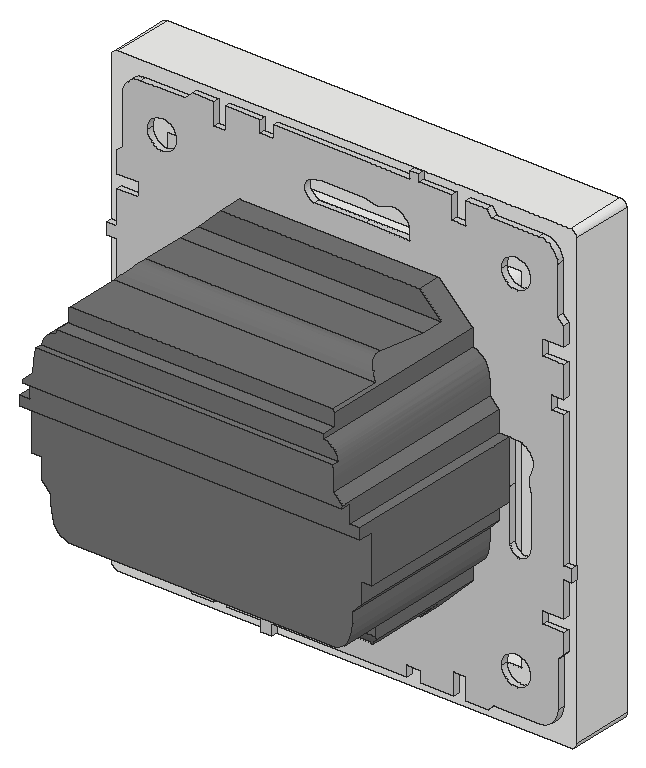
Revit family "IEK_L4_Розетка_BRITE_1мест_(РЭК)_Скрытый", category Электрические приборы, Revit 2019 (continued)
Definition of nested family "⚠_IEK_Рамка_Встраиваемая_BRITE_1мест"
  Parameters (values of type "Рамка_IP44_РУ-1-БрБ-44_Белый")
    Степень защиты IP = "IP44"
    Символ в масштабе [instance] = yes
    Description = "Серия электроустановочных изделий \"BRITE\" IEK – это гармоничный дизайн и европейский подход, надежность в эксплуатации и привлекательная цена.\r\n\r\nВ линейке \"BRITE\" использованы материалы премиум-класса. Цветовая палитра и широкий ассортимент позволяют решить все задачи при строительстве и ремонте жилой и коммерческой недвижимости, выполнить современные интерьеры в едином стиле."
    Материал_Дополнительный = none
    Кол-во постов = 1
    Климатическое исполнение = "У3"
    Manufacturer = "IEK"  # constant formula
    URL = "https://www.iek.ru/"
    IEK_Разработчик = "sozutovvd@iek.ru"  # constant formula
    ADSK_Примечание [instance] = ""
    ADSK_Обозначение = ""
    ADSK_Наименование краткое = "Рамка IP44 РУ-1-БрБ-44 белый"
    ADSK_Наименование = "BRITE Рамка 1-местная IP44 РУ-1-БрБ-44 белый IEK"
    ADSK_Материал наименование = "Пластик белый глянцевый (Термопласт)"
    ADSK_Материал = none
    ADSK_Масса = 0.038
    ADSK_Марка = "BRITE"  # constant formula
    ADSK_Количество = 1  # constant formula
    ADSK_Код изделия = "BR-M12-44-K01"
    ADSK_Завод-изготовитель = "iek.ru"  # constant formula
    ADSK_Единица измерения = "шт."  # constant formula
    ADSK_Группирование = "IEK_Электроустановочные изделия низковольтные"  # constant formula
    ADSK_Версия семейства = "07.11.23"  # constant formula
    ADSK_Версия Revit = "v2019"  # constant formula
    ADSK_URL страницы изделия = "https://www.iek.ru/products/catalog/izdeliya_elektroustanovochnye_udliniteli_i_silovye_razemy/elektroustanovochnye_izdeliya/elektroustanovochnye_izdeliya_skrytogo_montazha/elektroustanovochnye_izdeliya_brite/elektroustanovochnye_izdeliya_brite_tsvet_belyy/brite_ramka_1_mestnaya_ip44_ru_1_brb_44_belyy_iek"
  Types (7, lengths in mm): name | Степень защиты IP | ADSK_Наименование краткое | ADSK_Наименование | ADSK_Материал наименование | ADSK_Масса | ADSK_Код изделия | ADSK_URL страницы изделия
    (no name) | "IP44" | "Рамка IP44 РУ-1-БрБ-44 белый" | "BRITE Рамка 1-местная IP44 РУ-1-БрБ-44 белый IEK" | "Пластик белый глянцевый (Термопласт)" | 0.038 | "BR-M12-44-K01" | "https://www.iek.ru/products/catalog/izdeliya_elektroustanovochnye_udliniteli_i_silovye_razemy/elektroustanovochnye_izdeliya/elektroustanovochnye_izdeliya_skrytogo_montazha/elektroustanovochnye_izdeliya_brite/elektroustanovochnye_izdeliya_brite_tsvet_belyy/brite_ramka_1_mestnaya_ip44_ru_1_brb_44_belyy_iek"
    Рамка_IP20_РУ-1-БрБ_Белый | "IP20" | "Рамка 1м РУ-1БрБ белый" | "BRITE Рамка 1-местная РУ-1-БрБ белый IEK" | "Пластик белый глянцевый (Термопласт)" | 0.024 | "BR-M12-K01" | "https://www.iek.ru/products/catalog/izdeliya_elektroustanovochnye_udliniteli_i_silovye_razemy/elektroustanovochnye_izdeliya/elektroustanovochnye_izdeliya_skrytogo_montazha/elektroustanovochnye_izdeliya_brite/elektroustanovochnye_izdeliya_brite_tsvet_belyy/brite_ramka_1_mestnaya_ru_1_brb_belyy_iek"
    Рамка_IP20_РУ-1-БрЧ_Черный | "IP20" | "Рамка РУ-1-БрЧ черный" | "BRITE Рамка 1-местная РУ-1-БрЧ черный IEK" | "Пластик черный матовый (Термопласт)" | 0.024 | "BR-M12-K02" | "https://www.iek.ru/products/catalog/izdeliya_elektroustanovochnye_udliniteli_i_silovye_razemy/elektroustanovochnye_izdeliya/elektroustanovochnye_izdeliya_skrytogo_montazha/elektroustanovochnye_izdeliya_brite/elektroustanovochnye_izdeliya_brite_tsvet_chernyy/brite_ramka_1_mestnaya_ru_1_brch_chernyy_iek"
    Рамка_IP20_РУ-1-БрКр_Бежевый | "IP20" | "РУ-1-БрКр бежевый" | "BRITE Рамка 1-местная РУ-1-БрКр бежевый IEK" | "Пластик бежевый матовый (Термопласт)" | 0.024 | "BR-M12-K10" | "https://www.iek.ru/products/catalog/izdeliya_elektroustanovochnye_udliniteli_i_silovye_razemy/elektroustanovochnye_izdeliya/elektroustanovochnye_izdeliya_skrytogo_montazha/elektroustanovochnye_izdeliya_brite/elektroustanovochnye_izdeliya_brite_tsvet_bezhevyy/brite_ramka_1_mestnaya_ru_1_brkr_bezhevyy_iek"
    Рамка_IP20_РУ-1-БрМ_Маренго | "IP20" | "Рамка РУ-1-БрМ маренго" | "BRITE Рамка 1-местная РУ-1-БрМ маренго IEK" | "Пластик морская волна (сине-зелёный) матовый (Термопласт)" | 0.024 | "BR-M12-K35" | "https://www.iek.ru/products/catalog/izdeliya_elektroustanovochnye_udliniteli_i_silovye_razemy/elektroustanovochnye_izdeliya/elektroustanovochnye_izdeliya_skrytogo_montazha/elektroustanovochnye_izdeliya_brite/elektroustanovochnye_izdeliya_brite_tsvet_marengo/brite_ramka_1_mestnaya_ru_1_brm_marengo_iek"
    Рамка_IP20_РУ-1-БрС_Сталь | "IP20" | "Рамка РУ-1-БрС сталь" | "BRITE Рамка 1-местная РУ-1-БрС сталь IEK" | "Пластик сталь матовый (Термопласт)" | 0.024 | "BR-M12-K46" | "https://www.iek.ru/products/catalog/izdeliya_elektroustanovochnye_udliniteli_i_silovye_razemy/elektroustanovochnye_izdeliya/elektroustanovochnye_izdeliya_skrytogo_montazha/elektroustanovochnye_izdeliya_brite/elektroustanovochnye_izdeliya_brite_tsvet_stal/brite_ramka_1_mestnaya_ru_1_brs_stal_iek"
    Рамка_IP44_РУ-1-БрБ-44_Белый | "IP44" | "Рамка IP44 РУ-1-БрБ-44 белый" | "BRITE Рамка 1-местная IP44 РУ-1-БрБ-44 белый IEK" | "Пластик белый глянцевый (Термопласт)" | 0.038 | "BR-M12-44-K01" | "https://www.iek.ru/products/catalog/izdeliya_elektroustanovochnye_udliniteli_i_silovye_razemy/elektroustanovochnye_izdeliya/elektroustanovochnye_izdeliya_skrytogo_montazha/elektroustanovochnye_izdeliya_brite/elektroustanovochnye_izdeliya_brite_tsvet_belyy/brite_ramka_1_mestnaya_ip44_ru_1_brb_44_belyy_iek"
  Reference planes
    plane 1 "По центру (Вперед/Назад)": y = 0
    plane 2: z = 0
    plane 3 "По центру (Влево/Вправо)": x = 0
    plane 4: y = 10
    plane 5: x = 37.2
    plane 6: x = -37.2
    plane 7: y = -100
    plane 8: z = 37.2
    plane 9: z = -37.2
    plane 10: x = 27.2
    plane 11: x = -27.2
    plane 12: z = 27.2
    plane 13: z = -27.2
    plane 14: y = -9.913
    plane 15: y = -43
    plane 16: z = 20
    plane 17: z = -20
    plane 18: x = 17.2
    plane 19: x = -17.2
    plane 20: y = -10.913
  Forms (mm)
    Extrusion 1, solid, material <- "ADSK_Материал", detail levels fine
      sketch origin (0, 0, 0) x (1, 0, 0) y (0, 0, 1)
        loop
          arc (-25.172, 27.2) -> (-26.606, 26.606) -> (-27.2, 25.172) r 2.028
          line (-27.2, 25.172) -> (-27.2, -25.224)
          arc (-27.2, -25.224) -> (-26.621, -26.621) -> (-25.224, -27.2) r 1.976
          line (-25.224, -27.2) -> (25.215, -27.2)
          arc (25.215, -27.2) -> (26.619, -26.619) -> (27.2, -25.215) r 1.985
          line (27.2, -25.215) -> (27.2, 25.208)
          arc (27.2, 25.208) -> (26.616, 26.616) -> (25.208, 27.2) r 1.992
          line (25.208, 27.2) -> (-25.172, 27.2)
        loop
          line (-28.302, 28.434) -> (-28.302, -28.434) -> (28.302, -28.434) -> (28.302, 28.434) -> (-28.302, 28.434)
      from -0.781 to 0
    Extrusion 2, solid, material <- "ADSK_Материал", detail levels fine
      sketch origin (0, 0, 0) x (1, 0, 0) y (0, 0, 1)
        loop
          arc (-36.183, 37.2) -> (-36.902, 36.902) -> (-37.2, 36.183) r 1.017
          line (-37.2, 36.183) -> (-37.2, -36.221)
          arc (-37.2, -36.221) -> (-36.913, -36.913) -> (-36.221, -37.2) r 0.979
          line (-36.221, -37.2) -> (36.217, -37.2)
          arc (36.217, -37.2) -> (36.912, -36.912) -> (37.2, -36.217) r 0.983
          line (37.2, -36.217) -> (37.2, 36.154)
          arc (37.2, 36.154) -> (36.894, 36.894) -> (36.154, 37.2) r 1.046
          line (36.154, 37.2) -> (-36.183, 37.2)
        loop
          line (-28.302, 28.434) -> (-28.302, -28.434) -> (28.302, -28.434) -> (28.302, 28.434) -> (-28.302, 28.434)
      from 0 to 9.913
    Extrusion 3, solid, material <- "ADSK_Материал", detail levels coarse+medium
      sketch origin (0, 0, 0) x (1, 0, 0) y (0, 0, 1)
        loop
          line (-37.2, 37.2) -> (-37.2, -37.2) -> (37.2, -37.2) -> (37.2, 37.2) -> (-37.2, 37.2)
        loop
          line (-27.2, -27.2) -> (27.2, -27.2) -> (27.2, 27.2) -> (-27.2, 27.2) -> (-27.2, -27.2)
      from 0 to 9.913
  Cuts and joins
    joined: Extrusion 1, Extrusion 2
  Lines and regions (mm)
    symbolic lines, visible <- "Символ в масштабе", detail levels coarse+medium
      curve 1: line (-37.2, 0, 0) -> (37.2, 0, 0)
      curve 2: line (-37.2, -9.913, 0) -> (-37.2, 0, 0)
      curve 3: line (37.2, -9.913, 0) -> (-37.2, -9.913, 0)
      curve 4: line (37.2, 0, 0) -> (37.2, -9.913, 0)
  Dimensions and locks
    plane 1 "По центру (Вперед/Назад)" to plane 4 = 10 mm
    plane 7 to plane 1 "По центру (Вперед/Назад)" = 100 mm
    plane 8 to plane 9 = 74.4 mm
    equal spacing: plane 8, level, plane 9
    equal spacing: plane 6, plane 3 "По центру (Влево/Вправо)", plane 5
    plane 6 to plane 5 = 74.4 mm
    plane 5 to plane 10 = 10 mm
    plane 6 to plane 11 = 10 mm
    plane 8 to plane 12 = 10 mm
    plane 13 to plane 9 = 10 mm
    plane 14 to plane 1 "По центру (Вперед/Назад)" = 9.913 mm
    plane 15 to plane 1 "По центру (Вперед/Назад)" = 43 mm
    plane 11 to plane 19 = 10 mm
    plane 18 to plane 10 = 10 mm
    plane 14 to plane 20 = 1 mm
    aligned and locked: level to plane 2
    aligned and locked: Extrusion 2 sketch curve to plane 5
    aligned and locked: plane 8 to Extrusion 2 sketch curve
    aligned and locked: Extrusion 2 sketch curve to plane 6
    aligned and locked: plane 9 to Extrusion 2 sketch curve
    aligned and locked: Extrusion 2 to plane 1 "По центру (Вперед/Назад)"
    aligned and locked: Extrusion 2 to plane 14
    aligned and locked: curve 1 to cut or joined group of Extrusion 1, Extrusion 2
    aligned and locked: curve 2 to cut or joined group of Extrusion 1, Extrusion 2
    aligned and locked: curve 3 to cut or joined group of Extrusion 1, Extrusion 2
    aligned and locked: curve 4 to cut or joined group of Extrusion 1, Extrusion 2
    aligned and locked: plane 8 to Extrusion 3 sketch curve
    aligned and locked: Extrusion 3 sketch curve to plane 6
    aligned and locked: plane 9 to Extrusion 3 sketch curve
    aligned and locked: Extrusion 3 sketch curve to plane 5
    aligned and locked: Extrusion 3 sketch curve to plane 11
    aligned and locked: Extrusion 3 sketch curve to plane 13
    aligned and locked: Extrusion 3 sketch curve to plane 10
    aligned and locked: Extrusion 3 sketch curve to plane 12
    aligned and locked: Extrusion 3 to plane 1 "По центру (Вперед/Назад)"
    aligned and locked: Extrusion 3 to plane 14
  Automatic sketch dimensions
    plane 11 to Extrusion 1 sketch curve = 0 mm
    Extrusion 1 sketch curve to plane 13 = 0 mm
    Extrusion 1 sketch curve to plane 12 = 0 mm
    Extrusion 1 sketch curve to plane 10 = 0 mm
    plane 11 to Extrusion 1 sketch curve = 1.102 mm
    Extrusion 1 sketch curve to plane 11 = 1.976 mm
    Extrusion 1 sketch curve to plane 11 = 2.028 mm
    Extrusion 1 sketch curve to plane 10 = 1.992 mm
    Extrusion 1 sketch curve to plane 10 = 1.985 mm
    plane 10 to Extrusion 1 sketch curve = 1.102 mm
    plane 13 to Extrusion 1 sketch curve = 1.234 mm
    plane 12 to Extrusion 1 sketch curve = 1.234 mm
    Extrusion 2 sketch curve to plane 6 = 0.979 mm
    Extrusion 2 sketch curve to plane 6 = 1.017 mm
    plane 11 to Extrusion 2 sketch curve = 1.102 mm
    plane 10 to Extrusion 2 sketch curve = 1.102 mm
    Extrusion 2 sketch curve to Extrusion 2 sketch curve = 1.046 mm
    Extrusion 2 sketch curve to Extrusion 2 sketch curve = 0.983 mm
    plane 13 to Extrusion 2 sketch curve = 1.234 mm
    plane 12 to Extrusion 2 sketch curve = 1.234 mm
Definition of nested family "⚠_IEK_Коробка_Встраиваемая_1мест"
  Parameters (values of type "Коробка_распаячная_КМ41004_(d80x40)_IP20_Для твердых стен_Белый")
    Степень защиты IP = "IP20"
    Description = "Установочные и распределительные коробки данной серии предназначены для монтажа в сплошные кирпичные или бетонные стены различных электроустановочных изделий: розеток, выключателей, диммеров. Используя крышку, изделия можно применять в качестве распаячной (разветвительной) коробки для развода кабеля и проводов.\r\n\r\n- Материал изготовления - полипропилен. Основание коробки выполнено из АБС-пластика, крышка из полистирола.\r\n\r\n- Степень защиты - IP20."
    Крышка [instance] = no
    Manufacturer = "IEK"  # constant formula
    Видимость коробки [instance] = yes
    URL = "https://www.iek.ru/"
    IEK_Разработчик = "sozutovvd@iek.ru"  # constant formula
    ADSK_Размер_Ширина = 80 mm
    ADSK_Размер_Глубина = 45 mm
    ADSK_Примечание [instance] = ""
    ADSK_Обозначение = ""
    ADSK_Наименование краткое = "Коробка распаячная КМ41004 (80x40)"
    ADSK_Наименование = "Коробка распаячная КМ41004 d80x40мм для твердых стен (с крышкой) IEK"
    ADSK_Материал наименование = "Пластик белый"
    ADSK_Материал = none
    ADSK_Масса = 0.041
    ADSK_Марка = "КМ"
    ADSK_Количество = 1  # constant formula
    ADSK_Код изделия = "UKT01-080-040-000"
    ADSK_Завод-изготовитель = "iek.ru"  # constant formula
    ADSK_Единица измерения = "шт."  # constant formula
    ADSK_Группирование = "IEK_Коробки монтажные"  # constant formula
    ADSK_Версия семейства = "07.11.23"  # constant formula
    ADSK_Версия Revit = "v2019"  # constant formula
    ADSK_URL страницы изделия = ""
  Reference planes
    plane 1 "По центру (Вперед/Назад)": y = 0
    plane 2: z = 0
    plane 3 "По центру (Влево/Вправо)": x = 0
    plane 4: z = 20
    plane 5: z = -20
    plane 6: x = 40
    plane 7: x = -40
    plane 8: y = -45
  Forms (mm)
    Extrusion 1, solid, material <- "ADSK_Материал", visible <- "Видимость коробки", detail levels fine
      sketch origin (0, 0, 0) x (1, 0, 0) y (0, 0, 1)
        loop
          circle (0, 0) r 40
        loop
          circle (0, 0) r 42
      from 0 to 45
    Extrusion 2, solid, material <- "ADSK_Материал", visible <- "Видимость коробки", detail levels fine
      sketch origin (0, 0, 0) x (1, 0, 0) y (0, 0, 1)
        loop
          circle (0, 0) r 40
      from 43 to 45
    Extrusion 3, solid, material <- "ADSK_Материал", visible <- "Видимость коробки", detail levels fine
      sketch origin (0, 0, 0) x (1, 0, 0) y (0, 0, 1)
        loop
          circle (0, 0) r 42
        loop
          circle (0, 0) r 44.007
      from 0 to 1
    Extrusion 4, solid, material <- "ADSK_Материал", visible <- "Крышка", detail levels fine
      sketch origin (0, 0, 0) x (1, 0, 0) y (0, 0, 1)
        loop
          circle (0, 0) r 44.007
      from -1 to 0
    Extrusion 5, void
      sketch origin (0, 0, 0) x (1, 0, 0) y (0, 0, 1)
        loop
          circle (0, 0) r 15
      from 43 to 45
    Extrusion 6, void
      sketch origin (0, 0, 0) x (1, 0, 0) y (0, 1, 0)
        loop
          line (-10, -45) -> (10, -45) -> (10, -32.842)
          spline (10, -32.842) -> (9.616, -31.489) -> (9.15, -30.245) -> (8.602, -29.111) -> (7.973, -28.087) -> (7.262, -27.172) -> (6.47, -26.367) -> (5.595, -25.671) -> (4.64, -25.086) -> (3.602, -24.609) -> (2.483, -24.243) -> (1.282, -23.986) -> (0, -23.838)
          spline (0, -23.838) -> (-1.282, -23.986) -> (-2.483, -24.243) -> (-3.602, -24.609) -> (-4.64, -25.086) -> (-5.595, -25.671) -> (-6.47, -26.367) -> (-7.262, -27.172) -> (-7.973, -28.087) -> (-8.602, -29.111) -> (-9.15, -30.245) -> (-9.616, -31.489) -> (-10, -32.842)
          line (-10, -32.842) -> (-10, -45)
      from 40.128 to 47.252
    Extrusion 7, void
      sketch origin (0, 0, 0) x (1, 0, 0) y (0, 1, 0)
        loop
          line (-10, -45) -> (10, -45) -> (10, -32.842)
          spline (10, -32.842) -> (9.616, -31.489) -> (9.15, -30.245) -> (8.602, -29.111) -> (7.973, -28.087) -> (7.262, -27.172) -> (6.47, -26.367) -> (5.595, -25.671) -> (4.64, -25.086) -> (3.602, -24.609) -> (2.483, -24.243) -> (1.282, -23.986) -> (0, -23.838)
          spline (0, -23.838) -> (-1.282, -23.986) -> (-2.483, -24.243) -> (-3.602, -24.609) -> (-4.64, -25.086) -> (-5.595, -25.671) -> (-6.47, -26.367) -> (-7.262, -27.172) -> (-7.973, -28.087) -> (-8.602, -29.111) -> (-9.15, -30.245) -> (-9.616, -31.489) -> (-10, -32.842)
          line (-10, -32.842) -> (-10, -45)
      from -42.032 to -40.242
    Extrusion 8, void
      sketch origin (0, 0, 0) x (1, 0, 0) y (0, 1, 0)
        loop
          circle (0, -32.842) r 7.953
      from -45.842 to 43.361
    Extrusion 9, void
      sketch origin (0, 0, 0) x (0, 1, 0) y (0, 0, 1)
        loop
          circle (-32.002, 0) r 10
      from -42.317 to 42.269
  Cuts and joins
    Extrusion 5, Extrusion 6, Extrusion 7, Extrusion 8, Extrusion 9 cuts Extrusion 1
    Extrusion 5, Extrusion 7 cuts Extrusion 2
    Extrusion 5, Extrusion 7 cuts Extrusion 3
    joined: Extrusion 1, Extrusion 2, Extrusion 3
  Lines and regions (mm)
    symbolic lines, detail levels medium
      curve 1: line (-40, 0, 0) -> (-40, -45, 0)
      curve 2: line (40, -45, 0) -> (40, 0, 0)
      curve 3: line (-40, 0, 0) -> (40, 0, 0)
      curve 4: line (-40, -45, 0) -> (40, -45, 0)
  Dimensions and locks
    equal spacing: plane 7, plane 3 "По центру (Влево/Вправо)", plane 6
    "ADSK_Размер_Ширина": plane 7 to plane 6
    "ADSK_Размер_Глубина": plane 8 to plane 1 "По центру (Вперед/Назад)"
    "ADSK_Размер_Ширина": diameter of Extrusion 1 sketch curve
    aligned and locked: level to plane 2
    aligned and locked: plane 8 to Extrusion 1
    aligned and locked: Extrusion 1 to plane 1 "По центру (Вперед/Назад)"
    aligned and locked: Extrusion 1 to Extrusion 2
    aligned and locked: plane 7 to curve 1
    aligned and locked: plane 6 to curve 2
    aligned and locked: plane 1 "По центру (Вперед/Назад)" to curve 3
    aligned and locked: plane 8 to curve 4
  Automatic sketch dimensions
    Extrusion 2 sketch curve to level = 0 mm
    Extrusion 2 sketch curve to plane 3 "По центру (Влево/Вправо)" = 0 mm
    Extrusion 3 sketch curve to Extrusion 3 sketch curve = 0 mm  (x2)
    Extrusion 3 sketch curve to level = 0 mm
    Extrusion 3 sketch curve to plane 3 "По центру (Влево/Вправо)" = 0 mm
    Extrusion 4 sketch curve to level = 0 mm
    Extrusion 4 sketch curve to plane 3 "По центру (Влево/Вправо)" = 0 mm
    Extrusion 5 sketch curve to level = 0 mm
    Extrusion 5 sketch curve to plane 3 "По центру (Влево/Вправо)" = 0 mm
    plane 8 to Extrusion 6 sketch curve = 0 mm
    Extrusion 6 sketch curve to plane 3 "По центру (Влево/Вправо)" = 0 mm
    Extrusion 6 sketch curve to plane 3 "По центру (Влево/Вправо)" = 10 mm
    plane 3 "По центру (Влево/Вправо)" to Extrusion 6 sketch curve = 10 mm
    Extrusion 6 sketch curve to plane 8 = 12.158 mm  (x2)
    Extrusion 6 sketch curve to Extrusion 6 sketch curve = 9.004 mm
    Extrusion 7 sketch curve to plane 3 "По центру (Влево/Вправо)" = 0 mm
    Extrusion 7 sketch curve to plane 3 "По центру (Влево/Вправо)" = 10 mm
    plane 3 "По центру (Влево/Вправо)" to Extrusion 7 sketch curve = 10 mm
    plane 8 to Extrusion 7 sketch curve = 0 mm
    Extrusion 7 sketch curve to Extrusion 7 sketch curve = 12.158 mm  (x2)
    Extrusion 7 sketch curve to Extrusion 7 sketch curve = 9.004 mm
    Extrusion 8 sketch curve to plane 3 "По центру (Влево/Вправо)" = 0 mm
    Extrusion 8 sketch curve to plane 8 = 12.158 mm
    Extrusion 9 sketch curve to level = 0 mm
    Extrusion 9 sketch curve to plane 8 = 12.998 mm
    Extrusion 1 sketch curve to Extrusion 1 sketch curve = 0 mm  (x2)
    Extrusion 1 sketch curve to level = 0 mm
    Extrusion 1 sketch curve to plane 3 "По центру (Влево/Вправо)" = 0 mm
    radius of Extrusion 2 sketch curve = 40 mm
    radius of Extrusion 3 sketch curve = 42 mm
    radius of Extrusion 3 sketch curve = 44.007 mm
    radius of Extrusion 4 sketch curve = 44.007 mm
    radius of Extrusion 5 sketch curve = 15 mm
    radius of Extrusion 8 sketch curve = 7.953 mm
    radius of Extrusion 9 sketch curve = 10 mm
    radius of Extrusion 1 sketch curve = 42 mm
Definition of nested family "УГО розетка встраиваемая"
  Parameters (values of type "Трехполюсная")
    Центральная линия = yes
    Заливка внутри = no
    Две диаганальные линии = yes
    Горизонтальная линия = yes
    Боковые линии = no
  Types (10, lengths in mm): name | Центральная линия | Заливка внутри | Две диаганальные линии | Горизонтальная линия | Боковые линии
    Одногнездовая | yes | no | no | yes | no
    Двухгнездовая | no | no | no | yes | yes
    Трехгнездовая | yes | no | no | yes | yes
    Одногнездовая брызгозащищенная | yes | yes | no | yes | no
    Двухгнездовая без заземления | no | no | no | no | yes
    Одногнездовая брызгозащищенная без заземления | yes | yes | no | no | no
    Трехгнездовая без заземления | yes | no | no | no | yes
    Трехполюсная | yes | no | yes | yes | no
    Трехполюсная брызгозащищенная | yes | yes | yes | yes | no
    Одногнездовая без заземления | yes | no | no | no | no
  Reference planes
    plane 1: y = 0
    plane 2: x = 0
  Lines and regions (mm)
    detail lines
      curve 1: line (-2.5, 0, 0) -> (2.5, 0, 0)
      curve 2: arc (-2.5, 0, 0) -> (0, 2.5, 0) -> (2.5, 0, 0) r 2.5
      curve 23: line (0, 0, 0) -> (0, 2.5, 0)
    detail lines, not visible
      curve 3: line (0, 0, 0) -> (0, -5, 0)
    detail lines, visible <- "Центральная линия"
      curve 4: line (0, 2.5, 0) -> (0, 5, 0)
    detail lines, visible <- "Боковые линии"
      curve 5: line (-1, 2.291, 0) -> (-1, 5, 0)
      curve 6: line (1, 2.291, 0) -> (1, 5, 0)
    detail lines, visible <- "Горизонтальная линия"
      curve 7: line (-2.5, 2.5, 0) -> (2.5, 2.5, 0)
    detail lines, visible <- "Заливка внутри"
      curve 8: line (-2.494, 0.179, 0) -> (2.494, 0.179, 0)
      curve 9: line (-2.474, 0.357, 0) -> (2.474, 0.357, 0)
      curve 10: line (-2.442, 0.536, 0) -> (2.442, 0.536, 0)
      curve 11: line (-2.396, 0.714, 0) -> (2.396, 0.714, 0)
      curve 12: line (-2.335, 0.893, 0) -> (2.335, 0.893, 0)
      curve 13: line (-2.259, 1.071, 0) -> (2.259, 1.071, 0)
      curve 14: line (-2.165, 1.25, 0) -> (2.165, 1.25, 0)
      curve 15: line (-2.052, 1.429, 0) -> (2.052, 1.429, 0)
      curve 16: line (-1.915, 1.607, 0) -> (1.915, 1.607, 0)
      curve 17: line (-1.75, 1.786, 0) -> (1.75, 1.786, 0)
      curve 18: line (-1.546, 1.964, 0) -> (1.546, 1.964, 0)
      curve 19: line (-1.288, 2.143, 0) -> (1.288, 2.143, 0)
      curve 20: line (-0.928, 2.321, 0) -> (0.928, 2.321, 0)
    detail lines, visible <- "Две диаганальные линии"
      curve 21: line (0, 2.5, 0) -> (-1.768, 4.268, 0)
      curve 22: line (0, 2.5, 0) -> (1.768, 4.268, 0)
